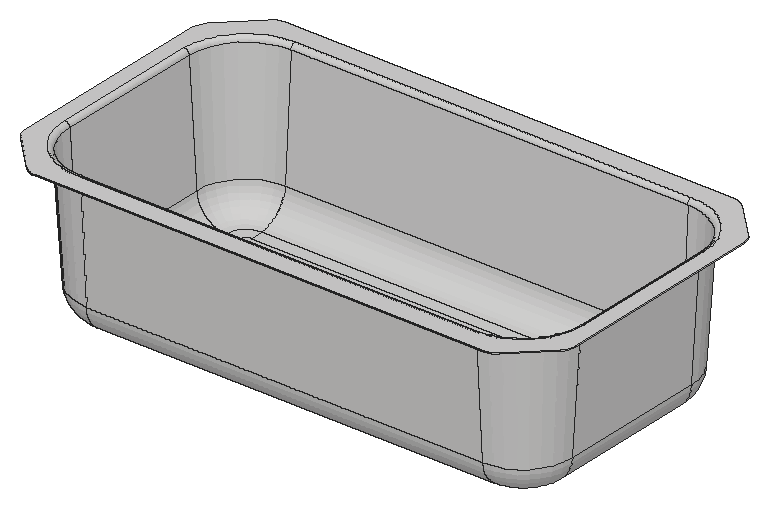
Revit family "Sink-Kitchen-KOHLER-Undertone-K-5290", category Plumbing Fixtures, host Face, Revit 2015
Parameters (values of type "NA-Stainless Steel")
  Width = 17 7/8"  # constant formula
  Waste Water Outlet = "Waste Water Outlet"  # constant formula
  Waste Connection = yes
  Vent Connection = no
  URL = "https://www.us.kohler.com/us/"
  Type = 1
  Product Page URL = "http://www.us.kohler.com/us/catalog/productDetails.jsp?productNumber=5290"
  Product Name = "Undertone"  # constant formula
  Product Documentation Link = "http://www.us.kohler.com/onlinecatalog/pdf/K-5290_spec.pdf"
  Model = if(Type = 1, "K-5290-NA", if(Type = 2, "K-5290-HCF-NA", "NA"))  # "K-5290-NA"
  Material = "18-Gauge Stainless Steel"  # constant formula
  MasterFormat 2004 = "22.41.16"  # constant formula
  MasterFormat 1995 = "15410"  # constant formula
  Manufacturer Address = "444 Highland Dr, Kohler, WI 53044"  # constant formula
  Manufacturer = "KOHLER Co."  # constant formula
  Length = 31 1/4"  # constant formula
  K_5290_HCF = or(Type = 2)  # no
  Hot Water Inlet = "Hot Water Inlet"  # constant formula
  Height = 9 5/16"  # constant formula
  HW Connection = no
  Finish = Kohler-Metal-NA-Stainless
  Environmental Product Declaration = ""
  Drain Included = 1 = 0  # no
  Description = if(Type = 1, "31-1/4 inch x 17-7/8 inch x 9-5/16 inch large under-mount single-bowl kitchen sink", if(Type = 2, "Preserve 31-1/4 inch x 17-7/8 inch x 9-5/16 inch large under-mount single-bowl kitchen sink", "NA"))  # "31-1/4 inch x 17-7/8 inch x 9-5/16 inch large under-mount single-bowl kitchen sink"
  Default Elevation = 36"
  Declare Label = ""
  Date Modified = "05/29/2018"  # constant formula
  Date Created = "05/29/2018"  # constant formula
  Copyright = "Copyright KOHLER Co."  # constant formula
  Contact Us = "https://www.us.kohler.com/us/static/contact.jsp"
  Cold Water Inlet = "Cold Water Inlet"  # constant formula
  CW Connection = no
  Assembly Code = "D2010400"
  ADA Compliant = 1 = 0  # no
Reference planes (in)
  plane 1 "Center (Front/Back)": y = 0
  plane 2: z = 0
  plane 3 "Center (Left/Right)": x = 0
  plane 4: x = -15.62502
  plane 5: x = 15.62498
  plane 6: y = 8.95
  plane 7: y = -8.925
  plane 8: z = -1
  plane 9: z = -10.3125
Forms (in)
  Extrusion 1, void
    sketch origin (0, 0, 0) x (1, 0, 0) y (0, 1, 0)
      loop
        arc (-15.33214, 6.71789) -> (-15.54891, 6.39347) -> (-15.62503, 6.01078) r 1
        line (-15.62503, 6.01078) -> (-15.62503, -6.01079)
        arc (-15.62503, -6.01079) -> (-15.54891, -6.39347) -> (-15.33214, -6.7179) r 1
        line (-15.33214, -6.7179) -> (-13.41793, -8.63211)
        arc (-13.41793, -8.63211) -> (-13.0935, -8.84888) -> (-12.71082, -8.925) r 1
        line (-12.71082, -8.925) -> (12.71081, -8.925)
        arc (12.71081, -8.925) -> (13.0935, -8.84888) -> (13.41792, -8.63211) r 1
        line (13.41792, -8.63211) -> (15.33214, -6.7179)
        arc (15.33214, -6.7179) -> (15.54891, -6.39347) -> (15.62503, -6.01079) r 1
        line (15.62503, -6.01079) -> (15.62503, 6.01078)
        arc (15.62503, 6.01078) -> (15.54891, 6.39347) -> (15.33214, 6.71789) r 1
        line (15.33214, 6.71789) -> (13.41792, 8.6321)
        arc (13.41792, 8.6321) -> (13.0935, 8.84888) -> (12.71081, 8.925) r 1
        line (12.71081, 8.925) -> (-12.71082, 8.925)
        arc (-12.71082, 8.925) -> (-13.0935, 8.84888) -> (-13.41793, 8.6321) r 1
        line (-13.41793, 8.6321) -> (-15.33214, 6.71789)
    from -13.71402 to -1
  Extrusion 2, void
    sketch origin (0, 0, 0) x (1, 0, 0) y (0, 1, 0)
      loop
        arc (-11.34534, 7.86003) -> (-13.89139, 6.80542) -> (-14.94599, 4.25937) r 3.60065
        line (-14.94599, 4.25937) -> (-14.94599, -4.25936)
        arc (-14.94599, -4.25936) -> (-13.8908, -6.80682) -> (-11.34333, -7.86202) r 3.60266
        line (-11.34333, -7.86202) -> (11.34365, -7.86202)
        arc (11.34365, -7.86202) -> (13.89025, -6.80718) -> (14.94509, -4.26058) r 3.60144
        line (14.94509, -4.26058) -> (14.94509, 4.26736)
        arc (14.94509, 4.26736) -> (13.89282, 6.80776) -> (11.35243, 7.86003) r 3.59267
        line (11.35243, 7.86003) -> (-11.34534, 7.86003)
    from -1 to 0.1597
Dimensions and locks (in)
  "Length": plane 4 to plane 5
  "Width": plane 6 to plane 7
  "Height": plane 8 to plane 9
  locked: plane 8 to level at 1
  aligned and locked: plane 2 to host face
  aligned and locked: level to host face
Automatic sketch dimensions
  host sketch curve to host sketch curve = 96"  (x2)
  Extrusion 1 sketch curve to plane 7 = 0"
  plane 4 to Extrusion 1 sketch curve = 0"
  Extrusion 1 sketch curve to plane 4 = 0.29288"  (x2)
  Extrusion 1 sketch curve to plane 4 = 1"  (x2)
  Extrusion 1 sketch curve to plane 6 = 0.31789"  (x2)
  Extrusion 1 sketch curve to plane 4 = 2.20709"  (x2)
  plane 7 to Extrusion 1 sketch curve = 0.29289"  (x2)
  Extrusion 1 sketch curve to Extrusion 1 sketch curve = 0.70711"  (x4)
  Extrusion 1 sketch curve to plane 6 = 0.025"
  plane 5 to Extrusion 1 sketch curve = 0.99996"  (x2)
  plane 5 to Extrusion 1 sketch curve = 0.29285"  (x2)
  Extrusion 1 sketch curve to plane 5 = 0.00004"
  plane 7 to Extrusion 1 sketch curve = 2.20711"  (x2)
  Extrusion 1 sketch curve to Extrusion 1 sketch curve = 1.91421"  (x3)
  Extrusion 1 sketch curve to plane 6 = 2.93921"
  Extrusion 2 sketch curve to plane 4 = 0.67902"
  Extrusion 2 sketch curve to plane 6 = 1.08997"
  Extrusion 2 sketch curve to plane 4 = 4.27967"
  plane 7 to Extrusion 2 sketch curve = 1.06298"
  Extrusion 2 sketch curve to plane 4 = 4.28168"
  plane 5 to Extrusion 2 sketch curve = 4.28133"
  plane 5 to Extrusion 2 sketch curve = 4.27256"
  plane 5 to Extrusion 2 sketch curve = 0.67989"
Nested families (in)
  nested 1: "K-5290" at (0, 0.01172, -1), type "K-5290"
Connectors (in)
  piping at (0, 0.01172, -13.03998), diameter 1.5, driven by "Waste Connection", driven by "Waste Water Outlet"
    settings: on nested 1, index 1, connector inside diameter 24", connector length 0", flow factor 0, pipe flow 0 GPM, pressure drop 0.00 psi, fitting loss kfactor 0, connector angle 0.00°, fixture units 0, engagement length 0", angle of deflection 0.00°, flow configuration 0, flow direction 2, fitting loss method 0, system type 16, joint type 0, gender type 0, connector reference index -1, connector utility 1, adjustable connector no, is connector primary yes, connector description "Waste Water Outlet"
Definition of nested family "K-5290"
  Parameters (values of type "K-5290")
    Material = none
    K_5290_HCF = no
  Reference planes (in)
    plane 1 "Center (Front/Back)": y = 0
    plane 2: z = 0
    plane 3 "Center (Left/Right)": x = 0
    plane 4: z = 0
    plane 5: y = 8.9375
    plane 6: y = -8.9375
    plane 7: x = -15.625
    plane 8: x = 15.625
    plane 9: z = -9.3125
  Forms (in)
    Sweep 1, solid, material <- "Material", detail levels medium+fine
      path origin (0, 0, 0) x (1, 0, 0) y (0, 1, 0)
        loop
          line (12.47428, -4.26057) -> (12.47428, 4.26736)
          arc (12.47428, 4.26736) -> (12.14539, 5.06139) -> (11.35136, 5.39029) r 1.12292
          line (11.35136, 5.39029) -> (-11.34641, 5.39029)
          arc (-11.34641, 5.39029) -> (-12.14608, 5.05905) -> (-12.47732, 4.25938) r 1.13091
          line (-12.47732, 4.25938) -> (-12.47732, -4.25935)
          arc (-12.47732, -4.25935) -> (-12.14549, -5.06045) -> (-11.3444, -5.39227) r 1.13292
          line (-11.3444, -5.39227) -> (11.34258, -5.39227)
          arc (11.34258, -5.39227) -> (12.14282, -5.06081) -> (12.47428, -4.26057) r 1.1317
      profile origin (12.47428, 0.00339, 0) x (-1, 0, 0) y (0, 0, 1)
        loop
          line (-2.1682, -0.27218) -> (-1.72975, -7.0523)
          arc (-1.72975, -7.0523) -> (-1.18913, -8.22365) -> (-0.00226, -8.72928) r 1.79383
          line (-0.00226, -8.72928) -> (0.71408, -8.75429) -> (0.71408, -8.71435) -> (-0.00272, -8.68932)
          arc (-0.00272, -8.68932) -> (-1.16176, -8.19554) -> (-1.6897, -7.05166) r 1.75177
          line (-1.6897, -7.05166) -> (-2.12819, -0.27104)
          arc (-2.12819, -0.27104) -> (-2.21917, -0.07835) -> (-2.41732, 0) r 0.28973
          line (-2.41732, 0) -> (-2.46974, 0) -> (-2.46974, -0.04) -> (-2.41587, -0.04)
          arc (-2.41587, -0.04) -> (-2.24613, -0.10712) -> (-2.1682, -0.27218) r 0.24819
    Extrusion 2, solid, material <- "Material", detail levels medium+fine
      sketch origin (0, 0, 0) x (1, 0, 0) y (0, 1, 0)
        loop
          arc (-15.45711, 6.71789) -> (-15.67388, 6.39347) -> (-15.75, 6.01079) r 1
          line (-15.75, 6.01079) -> (-15.75, -6.01079)
          arc (-15.75, -6.01079) -> (-15.67388, -6.39347) -> (-15.45711, -6.71789) r 1
          line (-15.45711, -6.71789) -> (-13.54289, -8.63211)
          arc (-13.54289, -8.63211) -> (-13.21847, -8.84888) -> (-12.83579, -8.925) r 1
          line (-12.83579, -8.925) -> (12.83579, -8.925)
          arc (12.83579, -8.925) -> (13.21847, -8.84888) -> (13.54289, -8.63211) r 1
          line (13.54289, -8.63211) -> (15.45711, -6.71789)
          arc (15.45711, -6.71789) -> (15.67388, -6.39347) -> (15.75, -6.01079) r 1
          line (15.75, -6.01079) -> (15.75, 6.01079)
          arc (15.75, 6.01079) -> (15.67388, 6.39347) -> (15.45711, 6.71789) r 1
          line (15.45711, 6.71789) -> (13.54289, 8.63211)
          arc (13.54289, 8.63211) -> (13.21847, 8.84888) -> (12.83579, 8.925) r 1
          line (12.83579, 8.925) -> (-12.83579, 8.925)
          arc (-12.83579, 8.925) -> (-13.21847, 8.84888) -> (-13.54289, 8.63211) r 1
          line (-13.54289, 8.63211) -> (-15.45711, 6.71789)
        loop
          arc (-11.34641, 7.86003) -> (-13.89245, 6.80542) -> (-14.94706, 4.25938) r 3.60065
          line (-14.94706, 4.25938) -> (-14.94706, -4.25935)
          arc (-14.94706, -4.25935) -> (-13.89186, -6.80682) -> (-11.3444, -7.86202) r 3.60266
          line (-11.3444, -7.86202) -> (11.34258, -7.86202)
          arc (11.34258, -7.86202) -> (13.88919, -6.80718) -> (14.94403, -4.26057) r 3.60144
          line (14.94403, -4.26057) -> (14.94403, 4.26736)
          arc (14.94403, 4.26736) -> (13.89176, 6.80776) -> (11.35136, 7.86003) r 3.59267
          line (11.35136, 7.86003) -> (-11.34641, 7.86003)
      from -0.04 to 0
    Extrusion 3, solid, material <- "Material", detail levels medium+fine
      sketch origin (0, 0, 0) x (1, 0, 0) y (0, 1, 0)
        loop
          arc (-11.34641, 4.6762) -> (-11.64115, 4.55412) -> (-11.76323, 4.25938) r 0.41683
          line (-11.76323, 4.25938) -> (-11.76323, -4.25935)
          arc (-11.76323, -4.25935) -> (-11.64056, -4.55552) -> (-11.3444, -4.67819) r 0.41884
          line (-11.3444, -4.67819) -> (11.34258, -4.67819)
          arc (11.34258, -4.67819) -> (11.63788, -4.55587) -> (11.7602, -4.26057) r 0.41762
          line (11.7602, -4.26057) -> (11.7602, 4.26736)
          arc (11.7602, 4.26736) -> (11.64045, 4.55646) -> (11.35136, 4.6762) r 0.40884
          line (11.35136, 4.6762) -> (-11.34641, 4.6762)
      from -8.75429 to -8.71435
    Revolve 4, solid, material <- "Material", detail levels medium+fine
      sketch origin (0, 0, -0.01562) x (1, 0, 0) y (0, 0, 1)
        loop
          line (0, -8.73867) -> (-4.10335, -8.73867) -> (-2.39677, -9.08796)
          arc (-2.39677, -9.08796) -> (-2.38027, -9.09192) -> (-2.36629, -9.10153) r 0.04655
          line (-2.36629, -9.10153) -> (-2.28972, -9.17809)
          arc (-2.28972, -9.17809) -> (-2.27518, -9.18956) -> (-2.25836, -9.19731) r 0.07878
          line (-2.25836, -9.19731) -> (-1.87298, -9.32253) -> (-1.59401, -9.32253) -> (-1.59401, -10.29847)
          arc (-1.59401, -10.29847) -> (-1.578, -10.37536) -> (-1.53265, -10.43947) r 0.19268
          line (-1.53265, -10.43947) -> (-1.64039, -10.43947)
          arc (-1.64039, -10.43947) -> (-1.62005, -10.50819) -> (-1.5635, -10.55219) r 0.11714
          line (-1.5635, -10.55219) -> (-1.18207, -10.6916)
          arc (-1.18207, -10.6916) -> (-1.00326, -10.82908) -> (-0.93551, -11.04421) r 0.37543
          line (-0.93551, -11.04421) -> (-0.93551, -11.35353) -> (-0.87351, -11.38932) -> (-0.94463, -11.43038) -> (-1.07, -11.43038) -> (-1.07, -11.74117) -> (-0.92325, -11.99536)
          arc (-0.92325, -11.99536) -> (-0.902, -12.0166) -> (-0.87298, -12.02438) r 0.05804
          line (-0.87298, -12.02438) -> (0, -12.02438) -> (0, -8.73867)
        axis (0, -8.73867) -> (0, -12.02438)
      angle from 0 to 360
    Sweep 5, solid, visible <- "K_5290_HCF", detail levels medium+fine
      path origin (0, 0, 0) x (1, 0, 0) y (0, 1, 0)
        loop
          arc (-11.11736, 6.52179) -> (-12.81848, 5.81717) -> (-13.52311, 4.11604) r 2.40575
          line (-13.52311, 4.11604) -> (-13.52311, -4.11552)
          arc (-13.52311, -4.11552) -> (-12.81833, -5.817) -> (-11.11686, -6.52177) r 2.40625
          line (-11.11686, -6.52177) -> (11.11675, -6.52177)
          arc (11.11675, -6.52177) -> (12.81823, -5.817) -> (13.523, -4.11552) r 2.40625
          line (13.523, -4.11552) -> (13.523, 4.11554)
          arc (13.523, 4.11554) -> (12.81823, 5.81702) -> (11.11675, 6.52179) r 2.40625
          line (11.11675, 6.52179) -> (-11.11736, 6.52179)
      profile origin (-0.0003, 6.52179, 0) x (0, 1, 0) y (0, 0, 1)
        loop
          circle (0.09456, -7.68865) r 0.09491
    Extrusion 6, solid, visible <- "K_5290_HCF", detail levels medium+fine
      sketch origin (0, 0, 0) x (0, 1, 0) y (0, 0, 1)
        loop
          circle (4.29047, -7.83575) r 0.05265
        loop
          circle (3.57962, -7.83575) r 0.05265
        loop
          circle (2.86062, -7.83575) r 0.05265
        loop
          circle (2.15025, -7.83575) r 0.05265
        loop
          circle (1.42978, -7.83575) r 0.05265
        loop
          circle (0.7197, -7.83575) r 0.05265
        loop
          circle (-0.00007, -7.83575) r 0.05265
        loop
          circle (-0.71978, -7.83575) r 0.05265
        loop
          circle (-1.4304, -7.83575) r 0.05265
        loop
          circle (-2.14993, -7.83575) r 0.05265
        loop
          circle (-2.85985, -7.83575) r 0.05265
        loop
          circle (-3.57977, -7.83575) r 0.05265
        loop
          circle (-4.29004, -7.83575) r 0.05265
      from -13.63195 to 13.62578
    Extrusion 7, solid, visible <- "K_5290_HCF", detail levels medium+fine
      sketch origin (0, 0, 0) x (1, 0, 0) y (0, 0, 1)
        loop
          circle (-2.126, -7.98215) r 0.09319
        loop
          circle (2.12693, -7.98215) r 0.09319
      from -6.59722 to 6.58867
    Extrusion 8, solid, visible <- "K_5290_HCF", detail levels medium+fine
      sketch origin (0, 0, 0) x (1, 0, 0) y (0, 0, 1)
        loop
          circle (7.87011, -7.94124) r 0.05284
        loop
          circle (-7.87055, -7.94076) r 0.05284
      from -6.59722 to 6.58867
    Revolve 9, solid, visible <- "K_5290_HCF", detail levels medium+fine
      sketch origin (0, -0.0625, -7.68922) x (1, 0, 0) y (0, 1, 0)
        loop
          line (0.27996, 6.61579) -> (0.27996, 6.86299)
          arc (0.27996, 6.86299) -> (0.26492, 6.90265) -> (0.22738, 6.92239) r 0.05984
          arc (0.22738, 6.92239) -> (-0.00031, 6.93624) -> (-0.228, 6.92227) r 1.87018
          arc (-0.228, 6.92227) -> (-0.26505, 6.90277) -> (-0.27988, 6.86363) r 0.05908
          line (-0.27988, 6.86363) -> (-0.27988, 6.61579) -> (0.27996, 6.61579)
        axis (0.27996, 6.61579) -> (-0.27988, 6.61579)
      angle from 0 to 360
    Revolve 10, solid, visible <- "K_5290_HCF", detail levels medium+fine
      sketch origin (0, -13.16769, -7.68921) x (1, 0, 0) y (0, 1, 0)
        loop
          line (0.27996, 6.61579) -> (0.27996, 6.86299)
          arc (0.27996, 6.86299) -> (0.26492, 6.90265) -> (0.22738, 6.92239) r 0.05984
          arc (0.22738, 6.92239) -> (-0.00031, 6.93624) -> (-0.228, 6.92227) r 1.87018
          arc (-0.228, 6.92227) -> (-0.26505, 6.90277) -> (-0.27988, 6.86363) r 0.05908
          line (-0.27988, 6.86363) -> (-0.27988, 6.61579) -> (0.27996, 6.61579)
        axis (0.27996, 6.61579) -> (-0.27988, 6.61579)
      angle from 0 to 360
    Revolve 11, solid, visible <- "K_5290_HCF", detail levels medium+fine
      sketch origin (7.87141, -13.17062, -7.68921) x (1, 0, 0) y (0, 1, 0)
        loop
          line (0.27996, 6.61579) -> (0.27996, 6.86299)
          arc (0.27996, 6.86299) -> (0.26492, 6.90265) -> (0.22738, 6.92239) r 0.05984
          arc (0.22738, 6.92239) -> (-0.00031, 6.93624) -> (-0.228, 6.92227) r 1.87018
          arc (-0.228, 6.92227) -> (-0.26505, 6.90277) -> (-0.27988, 6.86363) r 0.05908
          line (-0.27988, 6.86363) -> (-0.27988, 6.61579) -> (0.27996, 6.61579)
        axis (0.27996, 6.61579) -> (-0.27988, 6.61579)
      angle from 0 to 360
    Revolve 12, solid, visible <- "K_5290_HCF", detail levels medium+fine
      sketch origin (7.87106, -0.06225, -7.68922) x (1, 0, 0) y (0, 1, 0)
        loop
          line (0.27996, 6.61579) -> (0.27996, 6.86299)
          arc (0.27996, 6.86299) -> (0.26492, 6.90265) -> (0.22738, 6.92239) r 0.05984
          arc (0.22738, 6.92239) -> (-0.00031, 6.93624) -> (-0.228, 6.92227) r 1.87018
          arc (-0.228, 6.92227) -> (-0.26505, 6.90277) -> (-0.27988, 6.86363) r 0.05908
          line (-0.27988, 6.86363) -> (-0.27988, 6.61579) -> (0.27996, 6.61579)
        axis (0.27996, 6.61579) -> (-0.27988, 6.61579)
      angle from 0 to 360
    Revolve 13, solid, visible <- "K_5290_HCF", detail levels medium+fine
      sketch origin (-7.87503, -0.06615, -7.68922) x (1, 0, 0) y (0, 1, 0)
        loop
          line (0.27996, 6.61579) -> (0.27996, 6.86299)
          arc (0.27996, 6.86299) -> (0.26492, 6.90265) -> (0.22738, 6.92239) r 0.05984
          arc (0.22738, 6.92239) -> (-0.00031, 6.93624) -> (-0.228, 6.92227) r 1.87018
          arc (-0.228, 6.92227) -> (-0.26505, 6.90277) -> (-0.27988, 6.86363) r 0.05908
          line (-0.27988, 6.86363) -> (-0.27988, 6.61579) -> (0.27996, 6.61579)
        axis (0.27996, 6.61579) -> (-0.27988, 6.61579)
      angle from 0 to 360
    Revolve 14, solid, visible <- "K_5290_HCF", detail levels medium+fine
      sketch origin (-7.87112, -13.16862, -7.68921) x (1, 0, 0) y (0, 1, 0)
        loop
          line (0.27996, 6.61579) -> (0.27996, 6.86299)
          arc (0.27996, 6.86299) -> (0.26492, 6.90265) -> (0.22738, 6.92239) r 0.05984
          arc (0.22738, 6.92239) -> (-0.00031, 6.93624) -> (-0.228, 6.92227) r 1.87018
          arc (-0.228, 6.92227) -> (-0.26505, 6.90277) -> (-0.27988, 6.86363) r 0.05908
          line (-0.27988, 6.86363) -> (-0.27988, 6.61579) -> (0.27996, 6.61579)
        axis (0.27996, 6.61579) -> (-0.27988, 6.61579)
      angle from 0 to 360
    Revolve 15, solid, visible <- "K_5290_HCF", detail levels medium+fine
      sketch origin (20.23209, 3.58165, -7.68921) x (0, 1, 0) y (-1, 0, 0)
        loop
          line (0.27996, 6.61579) -> (0.27996, 6.86299)
          arc (0.27996, 6.86299) -> (0.26492, 6.90265) -> (0.22738, 6.92239) r 0.05984
          arc (0.22738, 6.92239) -> (-0.00031, 6.93624) -> (-0.228, 6.92227) r 1.87018
          arc (-0.228, 6.92227) -> (-0.26505, 6.90277) -> (-0.27988, 6.86363) r 0.05908
          line (-0.27988, 6.86363) -> (-0.27988, 6.61579) -> (0.27996, 6.61579)
        axis (0.27996, 6.61579) -> (-0.27988, 6.61579)
      angle from 0 to 360
    Revolve 16, solid, visible <- "K_5290_HCF", detail levels medium+fine
      sketch origin (20.23209, -3.57909, -7.68921) x (0, 1, 0) y (-1, 0, 0)
        loop
          line (0.27996, 6.61579) -> (0.27996, 6.86299)
          arc (0.27996, 6.86299) -> (0.26492, 6.90265) -> (0.22738, 6.92239) r 0.05984
          arc (0.22738, 6.92239) -> (-0.00031, 6.93624) -> (-0.228, 6.92227) r 1.87018
          arc (-0.228, 6.92227) -> (-0.26505, 6.90277) -> (-0.27988, 6.86363) r 0.05908
          line (-0.27988, 6.86363) -> (-0.27988, 6.61579) -> (0.27996, 6.61579)
        axis (0.27996, 6.61579) -> (-0.27988, 6.61579)
      angle from 0 to 360
    Revolve 17, solid, visible <- "K_5290_HCF", detail levels medium+fine
      sketch origin (-7.00131, -3.58006, -7.68921) x (0, 1, 0) y (-1, 0, 0)
        loop
          line (0.27996, 6.61579) -> (0.27996, 6.86299)
          arc (0.27996, 6.86299) -> (0.26492, 6.90265) -> (0.22738, 6.92239) r 0.05984
          arc (0.22738, 6.92239) -> (-0.00031, 6.93624) -> (-0.228, 6.92227) r 1.87018
          arc (-0.228, 6.92227) -> (-0.26505, 6.90277) -> (-0.27988, 6.86363) r 0.05908
          line (-0.27988, 6.86363) -> (-0.27988, 6.61579) -> (0.27996, 6.61579)
        axis (0.27996, 6.61579) -> (-0.27988, 6.61579)
      angle from 0 to 360
    Revolve 18, solid, visible <- "K_5290_HCF", detail levels medium+fine
      sketch origin (-7.00131, 3.57955, -7.68921) x (0, 1, 0) y (-1, 0, 0)
        loop
          line (0.27996, 6.61579) -> (0.27996, 6.86299)
          arc (0.27996, 6.86299) -> (0.26492, 6.90265) -> (0.22738, 6.92239) r 0.05984
          arc (0.22738, 6.92239) -> (-0.00031, 6.93624) -> (-0.228, 6.92227) r 1.87018
          arc (-0.228, 6.92227) -> (-0.26505, 6.90277) -> (-0.27988, 6.86363) r 0.05908
          line (-0.27988, 6.86363) -> (-0.27988, 6.61579) -> (0.27996, 6.61579)
        axis (0.27996, 6.61579) -> (-0.27988, 6.61579)
      angle from 0 to 360
    Sweep 19, solid, visible <- "K_5290_HCF", detail levels medium+fine
      path origin (0, 0.00781, 0) x (1, 0, 0) y (0, 1, 0)
        loop
          circle (0.00279, -0.00636) r 2
      profile origin (0.00279, 2.00146, 0) x (0, -1, 0) y (0, 0, 1)
        loop
          circle (-0.1002, -7.68872) r 0.09407
    Extrusion 20, void, detail levels medium+fine
      sketch origin (0, 0, 0) x (1, 0, 0) y (0, 1, 0)
        loop
          circle (0.00279, 0.00146) r 2
      from -8.10355 to -7.26727
    Extrusion 21, solid, visible <- "K_5290_HCF", detail levels medium+fine
      sketch origin (0, 0, 0) x (0, 1, 0) y (0, 0, 1)
        loop
          circle (5.71986, -7.83575) r 0.05265
        loop
          circle (5.00995, -7.83575) r 0.05265
        loop
          circle (-5.01018, -7.83575) r 0.05265
        loop
          circle (-5.71999, -7.83575) r 0.05265
      from -13.38438 to 13.40747
    Revolve 22, void, detail levels medium+fine
      sketch origin (0, 0, 0) x (0, 1, 0) y (0, 0, 1)
        loop
          line (0, -8.71435) -> (0, -10.5) -> (1.40503, -10.5)
          arc (1.40503, -10.5) -> (1.52387, -10.45077) -> (1.5731, -10.33193) r 0.16807
          line (1.5731, -10.33193) -> (1.5731, -9.09054)
          arc (1.5731, -9.09054) -> (1.68328, -8.82453) -> (1.94929, -8.71435) r 0.3762
          line (1.94929, -8.71435) -> (0, -8.71435)
        axis (0, -8.71435) -> (0, -10.5)
      angle from 0 to 360
    Revolve 23, solid, detail levels medium+fine
      sketch origin (0, 0, 0) x (0, 1, 0) y (0, 0, 1)
        loop
          line (1.76035, -8.71435) -> (1.69809, -8.71435)
          arc (1.69809, -8.71435) -> (1.59256, -8.75645) -> (1.545, -8.85963) r 0.15331
          line (1.545, -8.85963) -> (1.4868, -9.97) -> (0.28131, -9.97) -> (0.28131, -9.81997)
          arc (0.28131, -9.81997) -> (0.2696, -9.79171) -> (0.24134, -9.78) r 0.03997
          line (0.24134, -9.78) -> (0.14893, -9.78) -> (0.14893, -8.81991) -> (0.26061, -8.81991)
          arc (0.26061, -8.81991) -> (0.3096, -8.77787) -> (0.2756, -8.72304) r 0.04957
          arc (0.2756, -8.72304) -> (0.22463, -8.70779) -> (0.1732, -8.69423) r 1.61715
          arc (0.1732, -8.69423) -> (0.08723, -8.67849) -> (0, -8.67321) r 0.725
          line (0, -8.67321) -> (0, -10) -> (1.51529, -10) -> (1.57438, -8.87247)
          arc (1.57438, -8.87247) -> (1.61307, -8.78854) -> (1.69891, -8.75429) r 0.12471
          line (1.69891, -8.75429) -> (1.76035, -8.75429) -> (1.76035, -8.71435)
        axis (0, -8.67321) -> (0, -10)
      angle from 0 to 360
    Extrusion 24, void, detail levels medium+fine
      sketch origin (0, 0, 0) x (1, 0, 0) y (0, 1, 0)
        loop
          circle (-0.00023, 1.28069) r 0.0956
        loop
          circle (-0.00023, 0.95263) r 0.0956
        loop
          circle (-0.00023, 0.62382) r 0.0956
        loop
          circle (-0.00028, -1.28214) r 0.0956
        loop
          circle (-0.00027, -0.95408) r 0.0956
        loop
          circle (-0.00026, -0.62528) r 0.0956
        loop
          circle (1.28215, 0.00023) r 0.0956
        loop
          circle (0.95408, 0.00023) r 0.0956
        loop
          circle (0.62528, 0.00023) r 0.0956
        loop
          circle (-1.28068, 0.00026) r 0.0956
        loop
          circle (-0.95262, 0.00025) r 0.0956
        loop
          circle (-0.62382, 0.00025) r 0.0956
        loop
          circle (0.79866, 1.00207) r 0.0956
        loop
          circle (0.56044, 0.77054) r 0.0956
        loop
          circle (0.31204, 0.54035) r 0.0956
        loop
          circle (1.15481, 0.55533) r 0.0956
        loop
          circle (0.77084, 0.55945) r 0.0956
        loop
          circle (0.54151, 0.31223) r 0.0956
        loop
          circle (1.24856, 0.28479) r 0.0956
        loop
          circle (0.90561, 0.29477) r 0.0956
        loop
          circle (0.29392, 0.90529) r 0.0956
        loop
          circle (0.28416, 1.24832) r 0.0956
        loop
          circle (0.55646, 1.15445) r 0.0956
        loop
          circle (1.00163, 0.79852) r 0.0956
        loop
          circle (-0.79718, 1.00209) r 0.0956
        loop
          circle (-0.55896, 0.77055) r 0.0956
        loop
          circle (-0.31056, 0.54036) r 0.0956
        loop
          circle (-1.15333, 0.55535) r 0.0956
        loop
          circle (-0.76937, 0.55947) r 0.0956
        loop
          circle (-0.54004, 0.31224) r 0.0956
        loop
          circle (-1.24709, 0.28482) r 0.0956
        loop
          circle (-0.90414, 0.29479) r 0.0956
        loop
          circle (-0.29244, 0.9053) r 0.0956
        loop
          circle (-0.28267, 1.24833) r 0.0956
        loop
          circle (-0.55497, 1.15446) r 0.0956
        loop
          circle (-1.00015, 0.79854) r 0.0956
        loop
          circle (-0.79722, -1.00351) r 0.0956
        loop
          circle (-0.55899, -0.77198) r 0.0956
        loop
          circle (-0.31059, -0.5418) r 0.0956
        loop
          circle (-1.15336, -0.55676) r 0.0956
        loop
          circle (-0.76939, -0.56089) r 0.0956
        loop
          circle (-0.54005, -0.31367) r 0.0956
        loop
          circle (-1.2471, -0.28622) r 0.0956
        loop
          circle (-0.90415, -0.29621) r 0.0956
        loop
          circle (-0.29248, -0.90674) r 0.0956
        loop
          circle (-0.28272, -1.24977) r 0.0956
        loop
          circle (-0.55502, -1.15589) r 0.0956
        loop
          circle (-1.00018, -0.79995) r 0.0956
        loop
          circle (0.79866, -1.00353) r 0.0956
        loop
          circle (0.56044, -0.77199) r 0.0956
        loop
          circle (0.31204, -0.5418) r 0.0956
        loop
          circle (1.15481, -0.55679) r 0.0956
        loop
          circle (0.77084, -0.56091) r 0.0956
        loop
          circle (0.54151, -0.31368) r 0.0956
        loop
          circle (1.24856, -0.28625) r 0.0956
        loop
          circle (0.90561, -0.29623) r 0.0956
        loop
          circle (0.29392, -0.90674) r 0.0956
        loop
          circle (0.28416, -1.24978) r 0.0956
        loop
          circle (0.55646, -1.1559) r 0.0956
        loop
          circle (1.00163, -0.79998) r 0.0956
      from -10.23745 to -9.64574
    Extrusion 25, solid, material <- "Material", detail levels medium+fine
      sketch origin (0, 0, 0) x (1, 0, 0) y (0, 1, 0)
        loop
          circle (0, 0) r 0.75
      from -12.03998 to -11.98639
    Extrusion 26, solid, material <- "Material", detail levels coarse
      sketch origin (0, 0, 0) x (1, 0, 0) y (0, 1, 0)
        loop
          line (-15.75, 6.01079) -> (-15.75, -6.01079)
          arc (-15.75, -6.01079) -> (-15.67388, -6.39347) -> (-15.45711, -6.71789) r 1
          line (-15.45711, -6.71789) -> (-13.54289, -8.63211)
          arc (-13.54289, -8.63211) -> (-13.21847, -8.84888) -> (-12.83579, -8.925) r 1
          line (-12.83579, -8.925) -> (12.83579, -8.925)
          arc (12.83579, -8.925) -> (13.21847, -8.84888) -> (13.54289, -8.63211) r 1
          line (13.54289, -8.63211) -> (15.45711, -6.71789)
          arc (15.45711, -6.71789) -> (15.67388, -6.39347) -> (15.75, -6.01079) r 1
          line (15.75, -6.01079) -> (15.75, 6.01079)
          arc (15.75, 6.01079) -> (15.67388, 6.39347) -> (15.45711, 6.71789) r 1
          line (15.45711, 6.71789) -> (13.54289, 8.63211)
          arc (13.54289, 8.63211) -> (13.21847, 8.84888) -> (12.83579, 8.925) r 1
          line (12.83579, 8.925) -> (-12.83579, 8.925)
          arc (-12.83579, 8.925) -> (-13.21847, 8.84888) -> (-13.54289, 8.63211) r 1
          line (-13.54289, 8.63211) -> (-15.45711, 6.71789)
          arc (-15.45711, 6.71789) -> (-15.67388, 6.39347) -> (-15.75, 6.01079) r 1
      from -8.75429 to 0
    Extrusion 27, void, detail levels coarse
      sketch origin (0, 0, 0) x (1, 0, 0) y (0, 1, 0)
        loop
          arc (11.34258, -7.39227) -> (13.55703, -6.47502) -> (14.47428, -4.26057) r 3.1317
          line (14.47428, -4.26057) -> (14.47428, 4.26736)
          arc (14.47428, 4.26736) -> (13.5596, 6.4756) -> (11.35136, 7.39029) r 3.12292
          line (11.35136, 7.39029) -> (-11.34641, 7.39029)
          arc (-11.34641, 7.39029) -> (-13.5603, 6.47326) -> (-14.47732, 4.25938) r 3.13091
          line (-14.47732, 4.25938) -> (-14.47732, -4.25935)
          arc (-14.47732, -4.25935) -> (-13.55971, -6.47466) -> (-11.3444, -7.39227) r 3.13292
          line (-11.3444, -7.39227) -> (11.34258, -7.39227)
      from -8.71435 to 0.27967
    Extrusion 28, void, detail levels coarse
      sketch origin (0, 0, 0) x (1, 0, 0) y (0, 1, 0)
        loop
          circle (0, 0) r 1.76035
      from -9.10358 to -8.25534
  Cuts and joins
    Extrusion 20 cuts Extrusion 6
    joined: Sweep 5, Extrusion 6, Extrusion 7, Extrusion 8, Revolve 9, Revolve 10, Revolve 11, Revolve 12, Revolve 13, Revolve 14, Revolve 15, Revolve 16, Revolve 17, Revolve 18, Sweep 19, Extrusion 21
    Revolve 22 cuts Sweep 1
    Revolve 22 cuts Extrusion 2
    Revolve 22 cuts Extrusion 3
    Revolve 22 cuts Revolve 4
    joined: Sweep 1, Extrusion 2, Extrusion 3, Revolve 4
    Extrusion 24 cuts Revolve 23
    Extrusion 27, Extrusion 28 cuts Extrusion 26
  Lines and regions (in)
    Masking region 1
      outline origin (0, 0, 0) x (1, 0, 0) y (0, 1, 0)
        loop
          line (-13.40539, 8.64461) -> (-15.33211, 6.71789)
          arc (-15.33211, 6.71789) -> (-15.54888, 6.39347) -> (-15.625, 6.01079) r 1
          line (-15.625, 6.01079) -> (-15.625, -6.01079)
          arc (-15.625, -6.01079) -> (-15.54888, -6.39347) -> (-15.33211, -6.71789) r 1
          line (-15.33211, -6.71789) -> (-13.40539, -8.64461)
          arc (-13.40539, -8.64461) -> (-13.08097, -8.86138) -> (-12.69829, -8.9375) r 1
          line (-12.69829, -8.9375) -> (12.69829, -8.9375)
          arc (12.69829, -8.9375) -> (13.08097, -8.86138) -> (13.40539, -8.64461) r 1
          line (13.40539, -8.64461) -> (15.33211, -6.71789)
          arc (15.33211, -6.71789) -> (15.54888, -6.39347) -> (15.625, -6.01079) r 1
          line (15.625, -6.01079) -> (15.625, 6.01079)
          arc (15.625, 6.01079) -> (15.54888, 6.39347) -> (15.33211, 6.71789) r 1
          line (15.33211, 6.71789) -> (13.40539, 8.64461)
          arc (13.40539, 8.64461) -> (13.08097, 8.86138) -> (12.69829, 8.9375) r 1
          line (12.69829, 8.9375) -> (-12.69829, 8.9375)
          arc (-12.69829, 8.9375) -> (-13.08097, 8.86138) -> (-13.40539, 8.64461) r 1
    Masking region 2
      outline origin (0, 0, 0) x (1, 0, 0) y (0, 0, 1)
        loop
          line (-15.75, -0.04) -> (-14.89016, -0.04)
          arc (-14.89016, -0.04) -> (-14.72042, -0.10712) -> (-14.64248, -0.27218) r 0.24819
          line (-14.64248, -0.27218) -> (-14.20403, -7.0523)
          arc (-14.20403, -7.0523) -> (-13.66341, -8.22365) -> (-12.47655, -8.72928) r 1.79383
          line (-12.47655, -8.72928) -> (-11.7602, -8.75429) -> (-4.10335, -8.75429) -> (-2.39677, -9.10358)
          arc (-2.39677, -9.10358) -> (-2.38027, -9.10754) -> (-2.36629, -9.11715) r 0.04655
          line (-2.36629, -9.11715) -> (-2.28972, -9.19372)
          arc (-2.28972, -9.19372) -> (-2.27518, -9.20519) -> (-2.25836, -9.21294) r 0.07878
          line (-2.25836, -9.21294) -> (-1.94511, -9.31472) -> (-1.59401, -9.31472) -> (-1.59401, -10.31409)
          arc (-1.59401, -10.31409) -> (-1.578, -10.39098) -> (-1.53265, -10.4551) r 0.19268
          line (-1.53265, -10.4551) -> (-1.64039, -10.4551)
          arc (-1.64039, -10.4551) -> (-1.62005, -10.52381) -> (-1.5635, -10.56782) r 0.11714
          line (-1.5635, -10.56782) -> (-1.18207, -10.70722)
          arc (-1.18207, -10.70722) -> (-1.00326, -10.84471) -> (-0.93551, -11.05984) r 0.37543
          line (-0.93551, -11.05984) -> (-0.93551, -11.36915) -> (-0.87351, -11.40494) -> (-0.94463, -11.446) -> (-1.07, -11.446) -> (-1.07, -11.75679) -> (-0.92325, -12.01098)
          arc (-0.92325, -12.01098) -> (-0.902, -12.03222) -> (-0.87298, -12.04) r 0.05804
          line (-0.87298, -12.04) -> (0, -12.04) -> (0.87298, -12.04)
          arc (0.87298, -12.04) -> (0.902, -12.03222) -> (0.92325, -12.01098) r 0.05804
          line (0.92325, -12.01098) -> (1.07, -11.75679) -> (1.07, -11.446) -> (0.94463, -11.446) -> (0.87351, -11.40494) -> (0.93551, -11.36915) -> (0.93551, -11.05984)
          arc (0.93551, -11.05984) -> (1.00326, -10.84471) -> (1.18207, -10.70722) r 0.37543
          line (1.18207, -10.70722) -> (1.5635, -10.56782)
          arc (1.5635, -10.56782) -> (1.62005, -10.52381) -> (1.64039, -10.4551) r 0.11714
          line (1.64039, -10.4551) -> (1.53265, -10.4551)
          arc (1.53265, -10.4551) -> (1.578, -10.39098) -> (1.59401, -10.31409) r 0.19268
          line (1.59401, -10.31409) -> (1.59401, -9.31472) -> (1.94511, -9.31472) -> (2.25836, -9.21294)
          arc (2.25836, -9.21294) -> (2.27518, -9.20519) -> (2.28972, -9.19372) r 0.07878
          line (2.28972, -9.19372) -> (2.36629, -9.11715)
          arc (2.36629, -9.11715) -> (2.38027, -9.10754) -> (2.39677, -9.10358) r 0.04655
          line (2.39677, -9.10358) -> (4.10335, -8.75429) -> (11.7602, -8.75429) -> (12.47655, -8.72928)
          arc (12.47655, -8.72928) -> (13.66341, -8.22365) -> (14.20403, -7.0523) r 1.79383
          line (14.20403, -7.0523) -> (14.64248, -0.27218)
          arc (14.64248, -0.27218) -> (14.72042, -0.10712) -> (14.89016, -0.04) r 0.24819
          line (14.89016, -0.04) -> (15.75, -0.04) -> (15.75, 0) -> (-15.75, 0) -> (-15.75, -0.04)
    Masking region 3
      outline origin (0, 0, 0) x (0, 1, 0) y (0, 0, 1)
        loop
          line (-7.56057, -0.27217) -> (-7.12212, -7.0523)
          arc (-7.12212, -7.0523) -> (-6.5815, -8.22364) -> (-5.39464, -8.72927) r 1.79383
          line (-5.39464, -8.72927) -> (-4.6781, -8.75429) -> (-4.09913, -8.75429) -> (-2.39677, -9.10272)
          arc (-2.39677, -9.10272) -> (-2.38027, -9.10668) -> (-2.36629, -9.11629) r 0.04655
          line (-2.36629, -9.11629) -> (-2.28972, -9.19285)
          arc (-2.28972, -9.19285) -> (-2.27518, -9.20432) -> (-2.25836, -9.21207) r 0.07878
          line (-2.25836, -9.21207) -> (-1.87298, -9.33729) -> (-1.59401, -9.33729) -> (-1.59401, -10.31323)
          arc (-1.59401, -10.31323) -> (-1.578, -10.39012) -> (-1.53265, -10.45423) r 0.19268
          line (-1.53265, -10.45423) -> (-1.64039, -10.45423)
          arc (-1.64039, -10.45423) -> (-1.62005, -10.52295) -> (-1.5635, -10.56695) r 0.11714
          line (-1.5635, -10.56695) -> (-1.18207, -10.70636)
          arc (-1.18207, -10.70636) -> (-1.00326, -10.84384) -> (-0.93551, -11.05897) r 0.37543
          line (-0.93551, -11.05897) -> (-0.93551, -11.36829) -> (-0.87351, -11.40408) -> (-0.94463, -11.44513) -> (-1.07, -11.44513) -> (-1.07, -11.75593) -> (-0.92325, -12.01012)
          arc (-0.92325, -12.01012) -> (-0.902, -12.03136) -> (-0.87298, -12.03913) r 0.05804
          line (-0.87298, -12.03913) -> (0.87186, -12.03913)
          arc (0.87186, -12.03913) -> (0.90087, -12.03136) -> (0.92212, -12.01012) r 0.05804
          line (0.92212, -12.01012) -> (1.07, -11.75398) -> (1.07, -11.44318) -> (0.94463, -11.44318) -> (0.87351, -11.40213) -> (0.93551, -11.36633) -> (0.93551, -11.05702)
          arc (0.93551, -11.05702) -> (1.00326, -10.84189) -> (1.18207, -10.7044) r 0.37543
          line (1.18207, -10.7044) -> (1.5635, -10.565)
          arc (1.5635, -10.565) -> (1.62005, -10.52099) -> (1.64039, -10.45228) r 0.11714
          line (1.64039, -10.45228) -> (1.53265, -10.45228)
          arc (1.53265, -10.45228) -> (1.578, -10.38816) -> (1.59401, -10.31128) r 0.19268
          line (1.59401, -10.31128) -> (1.59401, -9.33534) -> (1.87298, -9.33534) -> (2.25836, -9.21012)
          arc (2.25836, -9.21012) -> (2.27518, -9.20237) -> (2.28972, -9.1909) r 0.07878
          line (2.28972, -9.1909) -> (2.36629, -9.11434)
          arc (2.36629, -9.11434) -> (2.38027, -9.10473) -> (2.39677, -9.10077) r 0.04655
          line (2.39677, -9.10077) -> (4.08958, -8.75429) -> (4.67615, -8.75429) -> (5.39269, -8.72927)
          arc (5.39269, -8.72927) -> (6.57955, -8.22364) -> (7.12017, -7.0523) r 1.79383
          line (7.12017, -7.0523) -> (7.55862, -0.27217)
          arc (7.55862, -0.27217) -> (7.6359, -0.10773) -> (7.80449, -0.04) r 0.24819
          line (7.80449, -0.04) -> (8.925, -0.04) -> (8.925, 0) -> (-8.925, 0) -> (-8.925, -0.04) -> (-7.81005, -0.04)
          arc (-7.81005, -0.04) -> (-7.63917, -0.1065) -> (-7.56057, -0.27217) r 0.24819
    symbolic lines, visible <- "K_5290_HCF", detail levels medium+fine
      curve 1: line (-11.11736, 6.52179, 0) -> (-8.15491, 6.52179, 0)
      curve 2: line (13.523, 4.11554, 0) -> (13.523, 3.8616, 0)
      curve 3: line (-13.52311, 4.11604, 0) -> (-13.52311, 3.85951, 0)
      curve 4: arc (-11.11736, 6.52179, 0) -> (-12.81848, 5.81717, 0) -> (-13.52311, 4.11604, 0) r 2.40575
      curve 5: arc (11.11675, 6.52179, 0) -> (12.81823, 5.81702, 0) -> (13.523, 4.11554, 0) r 2.40625
      curve 6: arc (11.11675, -6.52177, 0) -> (12.81823, -5.817, 0) -> (13.523, -4.11552, 0) r 2.40625
      curve 7: arc (-13.52311, -4.11552, 0) -> (-12.81833, -5.817, 0) -> (-11.11686, -6.52177, 0) r 2.40625
      curve 8: line (-11.11391, 6.71385, 0) -> (-8.15491, 6.71385, 0)
      curve 9: line (-13.71341, 4.11434, 0) -> (-13.71341, 3.85951, 0)
      curve 10: line (13.71144, 4.1156, 0) -> (13.71144, 3.8616, 0)
      curve 11: arc (11.1132, 6.71385, 0) -> (12.95044, 5.95284, 0) -> (13.71144, 4.1156, 0) r 2.59824
      curve 12: arc (13.71144, -4.11904, 0) -> (12.95261, -5.95103, 0) -> (11.12062, -6.70987, 0) r 2.59083
      curve 13: arc (-13.71341, -4.11234, 0) -> (-12.95262, -5.94907, 0) -> (-11.11589, -6.70987, 0) r 2.59753
      curve 14: arc (-11.11391, 6.71385, 0) -> (-12.95204, 5.95247, 0) -> (-13.71341, 4.11434, 0) r 2.59951
      curve 15: arc (-7.64765, 6.85623, 0) -> (-7.87534, 6.87009, 0) -> (-8.10303, 6.85612, 0) r 1.87018
      curve 16: line (-7.59508, 6.79683, 0) -> (-7.59508, 6.30244, 0)
      curve 17: line (-8.15491, 6.79747, 0) -> (-8.15491, 6.3018, 0)
      curve 18: arc (-7.59508, 6.79683, 0) -> (-7.61011, 6.83649, 0) -> (-7.64765, 6.85623, 0) r 0.05984
      curve 19: arc (-8.10303, 6.85612, 0) -> (-8.14008, 6.83662, 0) -> (-8.15491, 6.79747, 0) r 0.05908
      curve 20: arc (-7.64765, 6.24304, 0) -> (-7.87534, 6.22918, 0) -> (-8.10303, 6.24315, 0) r 1.87018
      curve 21: arc (-7.59508, 6.30244, 0) -> (-7.61011, 6.26278, 0) -> (-7.64765, 6.24304, 0) r 0.05984
      curve 22: arc (-8.10303, 6.24315, 0) -> (-8.14008, 6.26265, 0) -> (-8.15491, 6.3018, 0) r 0.05908
      curve 23: line (-7.59508, 6.71385, 0) -> (-0.27957, 6.71385, 0)
      curve 24: line (-7.59508, 6.52179, 0) -> (-0.27957, 6.52179, 0)
      curve 25: line (0.28027, 6.71385, 0) -> (7.5909, 6.71385, 0)
      curve 26: line (0.28027, 6.52179, 0) -> (7.5909, 6.52179, 0)
      curve 27: line (8.15074, 6.71385, 0) -> (11.1132, 6.71385, 0)
      curve 28: line (8.15074, 6.52179, 0) -> (11.11675, 6.52179, 0)
      curve 29: arc (0.2277, 6.86014, 0) -> (0, 6.87399, 0) -> (-0.22769, 6.86002, 0) r 1.87018
      curve 30: line (0.28027, 6.80074, 0) -> (0.28027, 6.30634, 0)
      curve 31: line (-0.27957, 6.80138, 0) -> (-0.27957, 6.3057, 0)
      curve 32: arc (0.28027, 6.80074, 0) -> (0.26524, 6.8404, 0) -> (0.2277, 6.86014, 0) r 0.05984
      curve 33: arc (-0.22769, 6.86002, 0) -> (-0.26474, 6.84053, 0) -> (-0.27957, 6.80138, 0) r 0.05908
      curve 34: arc (0.2277, 6.24694, 0) -> (0, 6.23309, 0) -> (-0.22769, 6.24706, 0) r 1.87018
      curve 35: arc (0.28027, 6.30634, 0) -> (0.26524, 6.26668, 0) -> (0.2277, 6.24694, 0) r 0.05984
      curve 36: arc (-0.22769, 6.24706, 0) -> (-0.26474, 6.26656, 0) -> (-0.27957, 6.3057, 0) r 0.05908
      curve 37: arc (8.09817, 6.86014, 0) -> (7.87047, 6.87399, 0) -> (7.64278, 6.86002, 0) r 1.87018
      curve 38: line (8.15074, 6.80074, 0) -> (8.15074, 6.30634, 0)
      curve 39: line (7.5909, 6.80138, 0) -> (7.5909, 6.3057, 0)
      curve 40: arc (8.15074, 6.80074, 0) -> (8.13571, 6.8404, 0) -> (8.09817, 6.86014, 0) r 0.05984
      curve 41: arc (7.64278, 6.86002, 0) -> (7.60573, 6.84053, 0) -> (7.5909, 6.80138, 0) r 0.05908
      curve 42: arc (8.09817, 6.24694, 0) -> (7.87047, 6.23309, 0) -> (7.64278, 6.24706, 0) r 1.87018
      curve 43: arc (8.15074, 6.30634, 0) -> (8.13571, 6.26668, 0) -> (8.09817, 6.24694, 0) r 0.05984
      curve 44: arc (7.64278, 6.24706, 0) -> (7.60573, 6.26656, 0) -> (7.5909, 6.3057, 0) r 0.05908
      curve 45: line (-11.11736, -6.52179, 0) -> (-8.15491, -6.52179, 0)
      curve 46: line (-11.11391, -6.71385, 0) -> (-8.15491, -6.71385, 0)
      curve 47: arc (-7.64765, -6.85623, 0) -> (-7.87534, -6.87009, 0) -> (-8.10303, -6.85612, 0) r 1.87018
      curve 48: line (-7.59508, -6.79683, 0) -> (-7.59508, -6.30244, 0)
      curve 49: line (-8.15491, -6.79747, 0) -> (-8.15491, -6.3018, 0)
      curve 50: arc (-7.59508, -6.79683, 0) -> (-7.61011, -6.83649, 0) -> (-7.64765, -6.85623, 0) r 0.05984
      curve 51: arc (-8.10303, -6.85612, 0) -> (-8.14008, -6.83662, 0) -> (-8.15491, -6.79747, 0) r 0.05908
      curve 52: arc (-7.64765, -6.24304, 0) -> (-7.87534, -6.22918, 0) -> (-8.10303, -6.24315, 0) r 1.87018
      curve 53: arc (-7.59508, -6.30244, 0) -> (-7.61011, -6.26278, 0) -> (-7.64765, -6.24304, 0) r 0.05984
      curve 54: arc (-8.10303, -6.24315, 0) -> (-8.14008, -6.26265, 0) -> (-8.15491, -6.3018, 0) r 0.05908
      curve 55: line (-7.59508, -6.71385, 0) -> (-0.27957, -6.71385, 0)
      curve 56: line (-7.59508, -6.52179, 0) -> (-0.27957, -6.52179, 0)
      curve 57: line (0.28027, -6.71385, 0) -> (7.5909, -6.71385, 0)
      curve 58: line (0.28027, -6.52179, 0) -> (7.5909, -6.52179, 0)
      curve 59: line (8.15074, -6.71385, 0) -> (11.1132, -6.71385, 0)
      curve 60: line (8.15074, -6.52179, 0) -> (11.11675, -6.52179, 0)
      curve 61: arc (0.2277, -6.86014, 0) -> (0, -6.87399, 0) -> (-0.22769, -6.86002, 0) r 1.87018
      curve 62: line (0.28027, -6.80074, 0) -> (0.28027, -6.30634, 0)
      curve 63: line (-0.27957, -6.80138, 0) -> (-0.27957, -6.3057, 0)
      curve 64: arc (0.28027, -6.80074, 0) -> (0.26524, -6.8404, 0) -> (0.2277, -6.86014, 0) r 0.05984
      curve 65: arc (-0.22769, -6.86002, 0) -> (-0.26474, -6.84053, 0) -> (-0.27957, -6.80138, 0) r 0.05908
      curve 66: arc (0.2277, -6.24694, 0) -> (0, -6.23309, 0) -> (-0.22769, -6.24706, 0) r 1.87018
      curve 67: arc (0.28027, -6.30634, 0) -> (0.26524, -6.26668, 0) -> (0.2277, -6.24694, 0) r 0.05984
      curve 68: arc (-0.22769, -6.24706, 0) -> (-0.26474, -6.26656, 0) -> (-0.27957, -6.3057, 0) r 0.05908
      curve 69: arc (8.09817, -6.86014, 0) -> (7.87047, -6.87399, 0) -> (7.64278, -6.86002, 0) r 1.87018
      curve 70: line (8.15074, -6.80074, 0) -> (8.15074, -6.30634, 0)
      curve 71: line (7.5909, -6.80138, 0) -> (7.5909, -6.3057, 0)
      curve 72: arc (8.15074, -6.80074, 0) -> (8.13571, -6.8404, 0) -> (8.09817, -6.86014, 0) r 0.05984
      curve 73: arc (7.64278, -6.86002, 0) -> (7.60573, -6.84053, 0) -> (7.5909, -6.80138, 0) r 0.05908
      curve 74: arc (8.09817, -6.24694, 0) -> (7.87047, -6.23309, 0) -> (7.64278, -6.24706, 0) r 1.87018
      curve 75: arc (8.15074, -6.30634, 0) -> (8.13571, -6.26668, 0) -> (8.09817, -6.24694, 0) r 0.05984
      curve 76: arc (7.64278, -6.24706, 0) -> (7.60573, -6.26656, 0) -> (7.5909, -6.3057, 0) r 0.05908
      curve 77: arc (-13.92427, 3.80694, 0) -> (-13.93812, 3.57924, 0) -> (-13.92415, 3.35155, 0) r 1.87018
      curve 78: line (-13.86487, 3.85951, 0) -> (-13.37047, 3.85951, 0)
      curve 79: line (-13.86551, 3.29967, 0) -> (-13.36983, 3.29967, 0)
      curve 80: arc (-13.86487, 3.85951, 0) -> (-13.90453, 3.84448, 0) -> (-13.92427, 3.80694, 0) r 0.05984
      curve 81: arc (-13.92415, 3.35155, 0) -> (-13.90466, 3.3145, 0) -> (-13.86551, 3.29967, 0) r 0.05908
      curve 82: arc (-13.31107, 3.80694, 0) -> (-13.29722, 3.57924, 0) -> (-13.31119, 3.35155, 0) r 1.87018
      curve 83: arc (-13.37047, 3.85951, 0) -> (-13.33081, 3.84448, 0) -> (-13.31107, 3.80694, 0) r 0.05984
      curve 84: arc (-13.31119, 3.35155, 0) -> (-13.33068, 3.3145, 0) -> (-13.36983, 3.29967, 0) r 0.05908
      curve 85: arc (-13.92427, -3.35268, 0) -> (-13.93812, -3.58038, 0) -> (-13.92415, -3.80807, 0) r 1.87018
      curve 86: line (-13.86487, -3.30011, 0) -> (-13.37047, -3.30011, 0)
      curve 87: line (-13.86551, -3.85994, 0) -> (-13.36983, -3.85994, 0)
      curve 88: arc (-13.86487, -3.30011, 0) -> (-13.90453, -3.31514, 0) -> (-13.92427, -3.35268, 0) r 0.05984
      curve 89: arc (-13.92415, -3.80807, 0) -> (-13.90466, -3.84511, 0) -> (-13.86551, -3.85994, 0) r 0.05908
      curve 90: arc (-13.31107, -3.35268, 0) -> (-13.29722, -3.58038, 0) -> (-13.31119, -3.80807, 0) r 1.87018
      curve 91: arc (-13.37047, -3.30011, 0) -> (-13.33081, -3.31514, 0) -> (-13.31107, -3.35268, 0) r 0.05984
      curve 92: arc (-13.31119, -3.80807, 0) -> (-13.33068, -3.84511, 0) -> (-13.36983, -3.85994, 0) r 0.05908
      curve 93: arc (13.31022, -3.35268, 0) -> (13.29637, -3.58038, 0) -> (13.31034, -3.80807, 0) r 1.87018
      curve 94: line (13.36962, -3.30011, 0) -> (13.86402, -3.30011, 0)
      curve 95: line (13.36898, -3.85994, 0) -> (13.86466, -3.85994, 0)
      curve 96: arc (13.36962, -3.30011, 0) -> (13.32996, -3.31514, 0) -> (13.31022, -3.35268, 0) r 0.05984
      curve 97: arc (13.31034, -3.80807, 0) -> (13.32983, -3.84511, 0) -> (13.36898, -3.85994, 0) r 0.05908
      curve 98: arc (13.92341, -3.35268, 0) -> (13.93727, -3.58038, 0) -> (13.9233, -3.80807, 0) r 1.87018
      curve 99: arc (13.86402, -3.30011, 0) -> (13.90368, -3.31514, 0) -> (13.92341, -3.35268, 0) r 0.05984
      curve 100: arc (13.9233, -3.80807, 0) -> (13.9038, -3.84511, 0) -> (13.86466, -3.85994, 0) r 0.05908
      curve 101: arc (13.31022, 3.80903, 0) -> (13.29637, 3.58133, 0) -> (13.31034, 3.35364, 0) r 1.87018
      curve 102: line (13.36962, 3.8616, 0) -> (13.86402, 3.8616, 0)
      curve 103: line (13.36898, 3.30177, 0) -> (13.86466, 3.30177, 0)
      curve 104: arc (13.36962, 3.8616, 0) -> (13.32996, 3.84657, 0) -> (13.31022, 3.80903, 0) r 0.05984
      curve 105: arc (13.31034, 3.35364, 0) -> (13.32983, 3.3166, 0) -> (13.36898, 3.30177, 0) r 0.05908
      curve 106: arc (13.92341, 3.80903, 0) -> (13.93727, 3.58133, 0) -> (13.9233, 3.35364, 0) r 1.87018
      curve 107: arc (13.86402, 3.8616, 0) -> (13.90368, 3.84657, 0) -> (13.92341, 3.80903, 0) r 0.05984
      curve 108: arc (13.9233, 3.35364, 0) -> (13.9038, 3.3166, 0) -> (13.86466, 3.30177, 0) r 0.05908
      curve 109: line (-13.71341, 3.29967, 0) -> (-13.71341, -3.30011, 0)
      curve 110: line (-13.52311, 3.29967, 0) -> (-13.52311, -3.30011, 0)
      curve 111: line (-13.71341, -3.85994, 0) -> (-13.71341, -4.11234, 0)
      curve 112: line (-13.52311, -3.85994, 0) -> (-13.52311, -4.11552, 0)
      curve 113: line (13.523, -3.85994, 0) -> (13.523, -4.11552, 0)
      curve 114: line (13.71144, -3.85994, 0) -> (13.71144, -4.11904, 0)
      curve 115: line (13.523, 3.30177, 0) -> (13.523, -3.30011, 0)
      curve 116: line (13.71144, 3.30177, 0) -> (13.71144, -3.30011, 0)
      curve 117: line (-13.51232, 4.34365, 0) -> (13.51217, 4.34365, 0)
      curve 118: line (13.51986, 4.23849, 0) -> (-13.51999, 4.23849, 0)
      curve 119: line (-13.51232, 2.91316, 0) -> (13.51217, 2.91316, 0)
      curve 120: line (13.523, 2.808, 0) -> (-13.52311, 2.808, 0)
      curve 121: line (-13.51232, 2.20268, 0) -> (13.51217, 2.20268, 0)
      curve 122: line (13.523, 2.09753, 0) -> (-13.52311, 2.09753, 0)
      curve 123: line (-13.51232, 1.48236, 0) -> (-1.34261, 1.48236, 0)
      curve 124: line (13.523, 1.37721, 0) -> (1.45028, 1.37721, 0)
      curve 125: line (-13.51232, 0.77225, 0) -> (-1.84489, 0.77225, 0)
      curve 126: line (13.523, 0.66709, 0) -> (1.88547, 0.66709, 0)
      curve 127: line (-13.51232, 0.05248, 0) -> (-1.99931, 0.05248, 0)
      curve 128: line (13.523, -0.05268, 0) -> (1.99931, -0.05268, 0)
      curve 129: line (-13.51232, -0.66723, 0) -> (-1.88542, -0.66723, 0)
      curve 130: line (13.523, -0.77239, 0) -> (1.84483, -0.77239, 0)
      curve 131: line (-13.51232, -1.37784, 0) -> (-1.44968, -1.37784, 0)
      curve 132: line (13.523, -1.483, 0) -> (1.34191, -1.483, 0)
      curve 133: line (-13.51232, -2.09743, 0) -> (13.51217, -2.09743, 0)
      curve 134: line (13.523, -2.20259, 0) -> (-13.52311, -2.20259, 0)
      curve 135: line (-13.51232, -2.80724, 0) -> (13.51217, -2.80724, 0)
      curve 136: line (13.523, -2.9124, 0) -> (-13.52311, -2.9124, 0)
      curve 137: line (-13.52001, -4.23759, 0) -> (13.5199, -4.23759, 0)
      curve 138: line (13.51225, -4.34275, 0) -> (-13.51235, -4.34275, 0)
      curve 139: line (-13.37092, -4.95768, 0) -> (13.37082, -4.95768, 0)
      curve 140: line (13.32868, -5.06284, 0) -> (-13.32879, -5.06284, 0)
      curve 141: line (-12.95581, -5.66739, 0) -> (12.9557, -5.66739, 0)
      curve 142: line (12.86154, -5.77255, 0) -> (-12.86165, -5.77255, 0)
      curve 143: line (-13.32885, 5.06312, 0) -> (13.32857, 5.06312, 0)
      curve 144: line (13.37072, 4.95796, 0) -> (-13.37098, 4.95796, 0)
      curve 145: line (-12.85859, 5.77608, 0) -> (12.8582, 5.77608, 0)
      curve 146: line (12.95651, 5.66646, 0) -> (-12.95688, 5.66646, 0)
      curve 147: line (-13.29795, 3.63187, 0) -> (13.29704, 3.63187, 0)
      curve 148: line (13.29716, 3.52718, 0) -> (-13.29796, 3.52718, 0)
      curve 149: line (-13.29798, -3.52651, 0) -> (13.29713, -3.52651, 0)
      curve 150: line (13.29711, -3.63259, 0) -> (-13.29796, -3.63259, 0)
      curve 151: line (-2.21776, 6.52179, 0) -> (-2.21776, 5.77608, 0)
      curve 152: line (-2.03265, -6.52179, 0) -> (-2.03265, -5.77255, 0)
      curve 153: line (-7.92352, -6.22982, 0) -> (-7.92352, -5.77255, 0)
      curve 154: line (-7.81816, 6.23004, 0) -> (-7.81816, 5.77608, 0)
      curve 219: line (1.34261, 1.48236, 0) -> (13.51217, 1.48236, 0)
      curve 220: line (-1.45028, 1.37721, 0) -> (-13.52311, 1.37721, 0)
      curve 221: line (1.84489, 0.77225, 0) -> (13.51217, 0.77225, 0)
      curve 222: line (-1.88547, 0.66709, 0) -> (-13.52311, 0.66709, 0)
      curve 223: line (1.99931, 0.05248, 0) -> (13.51217, 0.05248, 0)
      curve 224: line (-1.99931, -0.05268, 0) -> (-13.52311, -0.05268, 0)
      curve 225: line (1.88542, -0.66723, 0) -> (13.51217, -0.66723, 0)
      curve 226: line (-1.84483, -0.77239, 0) -> (-13.52311, -0.77239, 0)
      curve 227: line (1.44968, -1.37784, 0) -> (13.51217, -1.37784, 0)
      curve 228: line (-1.34191, -1.483, 0) -> (-13.52311, -1.483, 0)
      curve 229: line (-7.92352, 5.77608, 0) -> (-7.92352, 6.22982, 0)
      curve 230: line (-7.81816, 5.66646, 0) -> (-7.81816, 5.06312, 0)
      curve 231: line (-7.92352, 5.06312, 0) -> (-7.92352, 5.66646, 0)
      curve 232: line (-7.81816, 4.95796, 0) -> (-7.81816, 4.34365, 0)
      curve 233: line (-7.92352, 4.34365, 0) -> (-7.92352, 4.95796, 0)
      curve 234: line (-7.81816, 4.23849, 0) -> (-7.81816, 3.63187, 0)
      curve 235: line (-7.92352, 3.63187, 0) -> (-7.92352, 4.23849, 0)
      curve 236: line (-7.81816, 3.52718, 0) -> (-7.81816, 2.91316, 0)
      curve 237: line (-7.92352, 2.91316, 0) -> (-7.92352, 3.52718, 0)
      curve 238: line (-7.81816, 2.808, 0) -> (-7.81816, 2.20268, 0)
      curve 239: line (-7.92352, 2.20268, 0) -> (-7.92352, 2.808, 0)
      curve 240: line (-7.81816, 2.09753, 0) -> (-7.81816, 1.48236, 0)
      curve 241: line (-7.92352, 1.48236, 0) -> (-7.92352, 2.09753, 0)
      curve 242: line (-7.81816, 1.37721, 0) -> (-7.81816, 0.77225, 0)
      curve 243: line (-7.92352, 0.77225, 0) -> (-7.92352, 1.37721, 0)
      curve 244: line (-7.81816, 0.66709, 0) -> (-7.81816, 0.05248, 0)
      curve 245: line (-7.92352, 0.05248, 0) -> (-7.92352, 0.66709, 0)
      curve 246: line (-7.92352, -0.66723, 0) -> (-7.92352, -0.05268, 0)
      curve 247: line (-7.81816, -0.77239, 0) -> (-7.81816, -1.37784, 0)
      curve 248: line (-7.81816, -0.05268, 0) -> (-7.81816, -0.66723, 0)
      curve 249: line (-7.92352, -1.37784, 0) -> (-7.92352, -0.77239, 0)
      curve 250: line (-7.81816, -1.483, 0) -> (-7.81816, -2.09743, 0)
      curve 251: line (-7.92352, -2.09743, 0) -> (-7.92352, -1.483, 0)
      curve 252: line (-7.81816, -2.20259, 0) -> (-7.81816, -2.80724, 0)
      curve 253: line (-7.92352, -2.80724, 0) -> (-7.92352, -2.20259, 0)
      curve 254: line (-7.81816, -2.9124, 0) -> (-7.81816, -3.52651, 0)
      curve 255: line (-7.92352, -3.52651, 0) -> (-7.92352, -2.9124, 0)
      curve 256: line (-7.81816, -3.63259, 0) -> (-7.81816, -4.23759, 0)
      curve 257: line (-7.92352, -4.23759, 0) -> (-7.92352, -3.63259, 0)
      curve 258: line (-7.81816, -4.34275, 0) -> (-7.81816, -4.95768, 0)
      curve 259: line (-7.92352, -4.95768, 0) -> (-7.92352, -4.34275, 0)
      curve 260: line (-7.81816, -5.06284, 0) -> (-7.81816, -5.66739, 0)
      curve 261: line (-7.92352, -5.66739, 0) -> (-7.92352, -5.06284, 0)
      curve 262: line (-7.81816, -5.77255, 0) -> (-7.81816, -6.23004, 0)
      curve 263: line (-2.21776, 5.66646, 0) -> (-2.21776, 5.06312, 0)
      curve 264: line (-2.03265, 5.77608, 0) -> (-2.03265, 6.52179, 0)
      curve 265: line (-2.21776, 4.95796, 0) -> (-2.21776, 4.34365, 0)
      curve 266: line (-2.03265, 5.06312, 0) -> (-2.03265, 5.66646, 0)
      curve 267: line (-2.21776, 4.23849, 0) -> (-2.21776, 3.63187, 0)
      curve 268: line (-2.03265, 4.34365, 0) -> (-2.03265, 4.95796, 0)
      curve 269: line (-2.21776, 3.52718, 0) -> (-2.21776, 2.91316, 0)
      curve 270: line (-2.03265, 3.63187, 0) -> (-2.03265, 4.23849, 0)
      curve 271: line (-2.21776, 2.808, 0) -> (-2.21776, 2.20268, 0)
      curve 272: line (-2.03265, 2.91316, 0) -> (-2.03265, 3.52718, 0)
      curve 273: line (-2.21776, 2.09753, 0) -> (-2.21776, 1.48236, 0)
      curve 274: line (-2.03265, 2.20268, 0) -> (-2.03265, 2.808, 0)
      curve 275: line (-2.21776, 1.37721, 0) -> (-2.21776, 0.77225, 0)
      curve 276: line (-2.03265, 1.48236, 0) -> (-2.03265, 2.09753, 0)
      curve 277: line (-2.21776, 0.66709, 0) -> (-2.21776, 0.05248, 0)
      curve 278: line (-2.03265, 0.77225, 0) -> (-2.03265, 1.37721, 0)
      curve 279: line (-2.21776, -0.05268, 0) -> (-2.21776, -0.66723, 0)
      curve 280: line (-2.03265, 0.05248, 0) -> (-2.03265, 0.66709, 0)
      curve 281: line (-2.21776, -0.77239, 0) -> (-2.21776, -1.37784, 0)
      curve 282: line (-2.03265, -0.66723, 0) -> (-2.03265, -0.05268, 0)
      curve 283: line (-2.21776, -1.483, 0) -> (-2.21776, -2.09743, 0)
